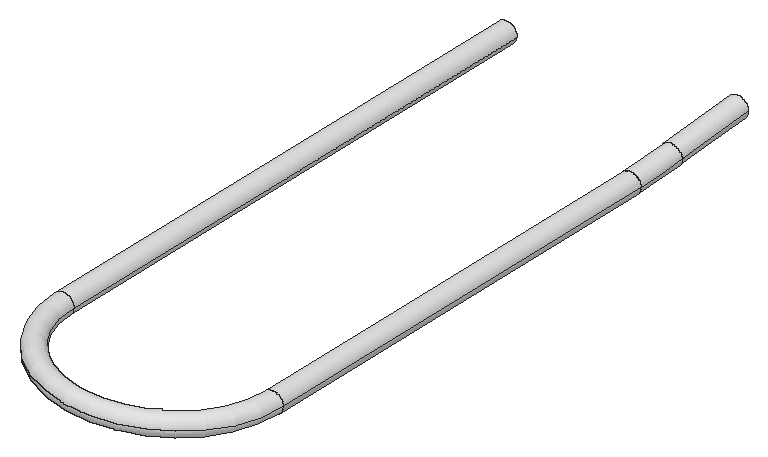
Revit family "Deca_Ducha higiênica com registro_Aspen_1984.35.ACT", category Plumbing Fixtures, host Face, Revit 2020
Family settings
  Host = Face
  Round Connector Dimension = Use Radius
  Part Type = Normal
  Cut with Voids When Loaded = No
  Shared = No
  Room Calculation Point = No
Parameters (values of type "1984.C35.ACT_Cromado")
  Vazão na Pressão mín. (L/min) = "4"
  Vazão na Pressão máx. (L/min) = "6"
  URL = "www.deca.com.br"
  Tipo de rosca de saída = ""
  Tipo de rosca de entrada = "BSP NBR 8133"
  Tipo de mecanismo utilizado = "MVC -1/4 volta"
  Tipo de dispositivo economizador = "Sim"
  Segmento = "Banheiro Competitivo (D41)"
  Saída de Esgoto = ""
  Raio Água Fria = 0.0075 m  # constant formula
  Pressão mín. funcionamento = ""
  Pressão mín. Aquec. Passagem = ""
  Pressão mín. Aquec. Acúmulo = ""
  Pressão máx. funcionamento = ""
  Peso Líquido (Kg) = 0.704
  Norma = "NBR14877"
  Model = "1984.C35.ACT"
  Material Secundário = Deca_Branco
  Material = Deca_Cromado
  Manufacturer = "DECA"
  Linha = "Aspen"
  Itens de Instalação = ""
  Informações Complementares = ""
  Default Elevation = 0.70 m
  Diâmetro Água Fria = 2 * Raio Água Fria  # 0.015 m
  Código Pai = "1984.35.ACT"
  Criado por = "quattroD"
  Cores Componente = ""
  Cor Secundária = ""
  Cor Principal = "Cromado"
  Cor Interna = ""
  Consumo = "Otimização do jato de água"
  Composição Componente = ""
  Composição Básica = "Liga cobre (bronze e latão);Aço;Plástico de Engenharia;Elastômeros"
  Composição Assento = ""
  Composição Anel Vedação = ""
  Categoria = "Chuveiros e duchas"
  Atendimento ao Cliente = "0800-0117073"
  Aprovado por = "quattroD"
  Acompanha o Produto = ""
Reference planes (m)
  plane 1 "Center (Front/Back)": y = 0
  plane 2: z = 0
  plane 3 "Center (Left/Right)": x = 0
Forms (m)
  Sweep 1, solid, material "Deca_Cromado" <- "Material"
    path origin (-0.00072726, -0.69356298, 0.03368028) x (0, -1, 0) y (0.997564, 0, -0.069756)
      loop
        line (-0.65974341, 0.00000143) -> (-0.13171075, 0.00000143)
        arc (-0.13171075, 0.00000143) -> (-0.03153169, 0.10018048) -> (-0.13171075, 0.20035953) r 0.10017905
        line (-0.13171075, 0.20035953) -> (-0.55820629, 0.20035953)
    profile origin (-0.00072583, -0.2978359, 0.03368018) x (0.997564, 0, -0.069756) y (0.069756, 0, 0.997564)
      loop
        circle (0, 0) r 0.01
  Sweep 2, solid, material "Deca_Cromado" <- "Material"
    path origin (0.282166, 0.09151864, 1.20386897) x (0, 1, 0) y (0.069756, 0, 0.997564)
      loop
        arc (-0.22748754, -1.18705325) -> (-0.2024833, -1.18668443) -> (-0.17761962, -1.18401138) r 0.2708869
        arc (-0.17761962, -1.18401138) -> (-0.13862392, -1.17996869) -> (-0.09951864, -1.17717843) r 1.22255994
    profile origin (0.19938707, -0.11096467, 0.02007524) x (0.069627, -0.060885, 0.995713) y (0.997564, 0, -0.069756)
      loop
        spline (-0.0000767, -0.01021637) -> (0.0024807, -0.00987563) -> (0.00486382, -0.00887662) -> (0.00691025, -0.00728744) -> (0.00848053, -0.00521637) -> (0.00946765, -0.00280456) -> (0.00980433, -0.00021637) -> (0.00946765, 0.00237182) -> (0.00848053, 0.00478363) -> (0.00691025, 0.0068547) -> (0.00486382, 0.00844389) -> (0.0024807, 0.00944289) -> (-0.0000767, 0.00978363)
        spline (-0.0000767, 0.00978363) -> (-0.0026341, 0.00944289) -> (-0.00501722, 0.00844389) -> (-0.00706365, 0.0068547) -> (-0.00863393, 0.00478363) -> (-0.00962105, 0.00237182) -> (-0.00995774, -0.00021637) -> (-0.00962105, -0.00280456) -> (-0.00863393, -0.00521637) -> (-0.00706365, -0.00728744) -> (-0.00501722, -0.00887662) -> (-0.0026341, -0.00987563) -> (-0.0000767, -0.01021637)
Lines and regions (m)
  Masking region 1
    outline origin (-2.01820516, -1.24086057, 0) x (1, 0, 0) y (0, 1, 0)
      loop
        arc (1.99821276, 1.26323267) -> (1.99082112, 1.2531173) -> (1.98820516, 1.2408652) r 0.03
        arc (1.98820516, 1.2408652) -> (1.99319469, 1.22429788) -> (2.00650357, 1.21324143) r 0.03
        line (2.00650357, 1.21324143) -> (2.00650357, 1.20718822)
        arc (2.00650357, 1.20718822) -> (2.00713496, 1.20692535) -> (2.00781297, 1.20683567) r 0.00260791
        line (2.00781297, 1.20683567) -> (2.0112004, 1.20683567) -> (2.0112004, 0.68053725)
        arc (2.0112004, 0.68053725) -> (2.11818647, 0.57355119) -> (2.22517254, 0.68053725) r 0.10698607
        line (2.22517254, 0.68053725) -> (2.2251746, 1.23285917) -> (2.23517981, 1.23285917) -> (2.23517981, 1.25549541)
        arc (2.23517981, 1.25549541) -> (2.23499271, 1.25607781) -> (2.23450144, 1.25644228) r 0.001
        arc (2.23450144, 1.25644228) -> (2.23258839, 1.25705018) -> (2.23065281, 1.25758195) r 0.05075164
        arc (2.23065281, 1.25758195) -> (2.23124006, 1.25794913) -> (2.23167342, 1.25848938) r 0.0020712
        line (2.23167342, 1.25848938) -> (2.23002641, 1.29231043) -> (2.22671669, 1.32030375)
        arc (2.22671669, 1.32030375) -> (2.22891462, 1.3225595) -> (2.23044775, 1.32531064) r 0.01196429
        arc (2.23044775, 1.32531064) -> (2.23097419, 1.32712563) -> (2.23115176, 1.32900705) r 0.01005608
        line (2.23115176, 1.32900705) -> (2.23115176, 1.34147234)
        arc (2.23115176, 1.34147234) -> (2.22956857, 1.34718985) -> (2.22576897, 1.3517461) r 0.01406613
        arc (2.22576897, 1.3517461) -> (2.21817697, 1.35408755) -> (2.21058494, 1.35174618) r 0.01347923
        arc (2.21058494, 1.35174618) -> (2.20659769, 1.34681865) -> (2.2051787, 1.34064085) r 0.01406613
        line (2.2051787, 1.34064085) -> (2.20519605, 1.32900705)
        arc (2.20519605, 1.32900705) -> (2.20537362, 1.32712563) -> (2.20590006, 1.32531064) r 0.01005608
        arc (2.20590006, 1.32531064) -> (2.20743319, 1.3225595) -> (2.20963111, 1.32030375) r 0.01196429
        line (2.20963111, 1.32030375) -> (2.2063214, 1.29231043) -> (2.20467281, 1.25845698)
        arc (2.20467281, 1.25845698) -> (2.20510579, 1.25793328) -> (2.20568495, 1.25757788) r 0.0020712
        arc (2.20568495, 1.25757788) -> (2.20375747, 1.25704783) -> (2.20185236, 1.25644228) r 0.05075164
        arc (2.20185236, 1.25644228) -> (2.20136108, 1.25607781) -> (2.20117399, 1.25549541) r 0.001
        line (2.20117399, 1.25549541) -> (2.20117399, 1.23285917) -> (2.21117255, 1.23285917) -> (2.21117255, 0.68053725)
        arc (2.21117255, 0.68053725) -> (2.1181978, 0.58756251) -> (2.02522306, 0.68053725) r 0.09297474
        line (2.02522306, 0.68053725) -> (2.02522306, 1.20683567) -> (2.02858779, 1.20683567)
        arc (2.02858779, 1.20683567) -> (2.0292658, 1.20692535) -> (2.02989719, 1.20718822) r 0.00260791
        line (2.02989719, 1.20718822) -> (2.02989719, 1.21323738)
        arc (2.02989719, 1.21323738) -> (2.04780006, 1.23595176) -> (2.03819757, 1.26323267) r 0.03
        line (2.03819757, 1.26323267) -> (2.03819757, 1.28561738)
        arc (2.03819757, 1.28561738) -> (2.03728898, 1.29131018) -> (2.03379067, 1.29589224) r 0.01179386
        arc (2.03379067, 1.29589224) -> (2.02645926, 1.29993554) -> (2.01820516, 1.30133834) r 0.0250612
        arc (2.01820516, 1.30133834) -> (2.01439773, 1.30104544) -> (2.01067899, 1.30017747) r 0.0250612
        arc (2.01067899, 1.30017747) -> (2.00645258, 1.29840487) -> (2.00261965, 1.29589224) r 0.0250612
        arc (2.00261965, 1.29589224) -> (1.99912135, 1.29131018) -> (1.99821276, 1.28561738) r 0.01179386
        line (1.99821276, 1.28561738) -> (1.99821276, 1.26323267)
  Masking region 2
    outline origin (0, -1.8877329, -0.76190073) x (0, 1, 0) y (0, 0, 1)
      loop
        arc (1.22255326, 0.79112768) -> (1.21907042, 0.7836587) -> (1.22489776, 0.77783135) r 0.00718397
        arc (1.22489776, 0.77783135) -> (1.24970826, 0.77434446) -> (1.27470155, 0.77259676) r 0.35894961
        line (1.27470155, 0.77259676) -> (1.80970155, 0.77259676) -> (1.87257994, 0.78031726)
        arc (1.87257994, 0.78031726) -> (1.87432771, 0.77778752) -> (1.87517516, 0.77483182) r 0.00949221
        line (1.87517516, 0.77483182) -> (1.8731734, 0.77483182) -> (1.86515336, 0.76488303) -> (1.86515336, 0.76190073) -> (1.91031245, 0.76190073) -> (1.91031245, 0.764884) -> (1.90601269, 0.77019424) -> (1.90601269, 0.7810606) -> (1.90573052, 0.78231354) -> (1.90734026, 0.7823866) -> (1.90768755, 0.78041698) -> (1.9412005, 0.7879966) -> (1.96452562, 0.79496785) -> (1.97608431, 0.77032361) -> (1.97650894, 0.76941825) -> (1.97845979, 0.76664531)
        arc (1.97845979, 0.76664531) -> (1.97890876, 0.76633243) -> (1.9794538, 0.76638134) r 0.0008
        line (1.9794538, 0.76638134) -> (2.00050064, 0.77625277)
        arc (2.00050064, 0.77625277) -> (2.00088673, 0.77664059) -> (2.00093321, 0.77718584) r 0.0008
        line (2.00093321, 0.77718584) -> (2.00004841, 0.78045878) -> (1.99963393, 0.78132313) -> (1.99185797, 0.79792159)
        arc (1.99185797, 0.79792159) -> (1.99184062, 0.79830395) -> (1.99209877, 0.79858655) r 0.0005
        line (1.99209877, 0.79858655) -> (1.9951709, 0.80002462) -> (1.99135533, 0.80817577) -> (1.98828241, 0.80673734)
        arc (1.98828241, 0.80673734) -> (1.98512057, 0.8142236) -> (1.98050749, 0.82091394) r 0.0399
        arc (1.98050749, 0.82091394) -> (1.97974692, 0.821553) -> (1.97881936, 0.82190864) r 0.003
        arc (1.97881936, 0.82190864) -> (1.9587145, 0.82544835) -> (1.93845522, 0.82795773) r 0.4
        arc (1.93845522, 0.82795773) -> (1.92942587, 0.83693962) -> (1.92012975, 0.84564514) r 0.42227755
        line (1.92012975, 0.84564514) -> (1.91286699, 0.83838238)
        arc (1.91286699, 0.83838238) -> (1.90681745, 0.83034668) -> (1.89878175, 0.82429714) r 0.03601811
        line (1.89878175, 0.82429714) -> (1.89076932, 0.81628471) -> (1.89614625, 0.81090778)
        arc (1.89614625, 0.81090778) -> (1.89309799, 0.80891778) -> (1.88952511, 0.80822031) r 0.0095
        line (1.88952511, 0.80822031) -> (1.86594911, 0.80822031) -> (1.86594911, 0.80582278) -> (1.86386032, 0.80582278) -> (1.86386032, 0.80662899) -> (1.85391333, 0.80662899) -> (1.85391333, 0.80290073) -> (1.31849668, 0.80290073)
        arc (1.31849668, 0.80290073) -> (1.28285149, 0.80196733) -> (1.24730399, 0.79916968) r 0.68108429
        arc (1.24730399, 0.79916968) -> (1.234506, 0.79644938) -> (1.22255326, 0.79112768) r 0.06258536
  Masking region 3
    outline origin (1.37765668, 0, -1.3729122) x (-1, 0, 0) y (0, 0, 1)
      loop
        arc (1.19468309, 1.38067975) -> (1.21541494, 1.38227896) -> (1.23607701, 1.38461254) r 0.58612347
        arc (1.23607701, 1.38461254) -> (1.27581058, 1.38779153) -> (1.31557919, 1.390497) r 3.34622533
        arc (1.31557919, 1.390497) -> (1.34041857, 1.39253284) -> (1.36515784, 1.39555085) r 0.62915594
        line (1.36515784, 1.39555085) -> (1.36515784, 1.38565793) -> (1.36298191, 1.38565793) -> (1.35507713, 1.37589547) -> (1.35507713, 1.3729122) -> (1.40023622, 1.3729122) -> (1.40023622, 1.37589547) -> (1.39233144, 1.38565793) -> (1.39016185, 1.38565793) -> (1.39016185, 1.40214304)
        arc (1.39016185, 1.40214304) -> (1.39537933, 1.40644759) -> (1.39767334, 1.41281067) r 0.01279575
        line (1.39767334, 1.41281067) -> (1.39767334, 1.44032327)
        arc (1.39767334, 1.44032327) -> (1.39698488, 1.44544994) -> (1.39453511, 1.45000575) r 0.01445133
        arc (1.39453511, 1.45000575) -> (1.3907594, 1.45309972) -> (1.38632364, 1.45513757) r 0.01913318
        arc (1.38632364, 1.45513757) -> (1.37770366, 1.45645244) -> (1.36908367, 1.45513757) r 0.02891275
        arc (1.36908367, 1.45513757) -> (1.36420133, 1.45281193) -> (1.36016476, 1.44921305) r 0.01913318
        arc (1.36016476, 1.44921305) -> (1.35815989, 1.44497758) -> (1.35761566, 1.44032327) r 0.01445133
        line (1.35761566, 1.44032327) -> (1.35761566, 1.41514923)
        arc (1.35761566, 1.41514923) -> (1.27610498, 1.40839272) -> (1.19468316, 1.40063845) r 6.67817626
        arc (1.19468316, 1.40063845) -> (1.19426485, 1.40431625) -> (1.19303123, 1.40780615) r 0.01637554
        arc (1.19303123, 1.40780615) -> (1.19210184, 1.40944171) -> (1.19097217, 1.41094593) r 0.01477571
        line (1.19097217, 1.41094593) -> (1.19068318, 1.41202448)
        arc (1.19068318, 1.41202448) -> (1.19033702, 1.41333436) -> (1.18945605, 1.41436368) r 0.00303939
        arc (1.18945605, 1.41436368) -> (1.18911723, 1.41460749) -> (1.18877156, 1.41484147) r 0.01453008
        arc (1.18877156, 1.41484147) -> (1.18741993, 1.41725296) -> (1.18568318, 1.41940375) r 0.01643214
        line (1.18568318, 1.41940375) -> (1.18568318, 1.43680299)
        arc (1.18568318, 1.43680299) -> (1.18471817, 1.43876174) -> (1.18268318, 1.4395534) r 0.00301132
        line (1.18268318, 1.4395534) -> (1.17268318, 1.4395534)
        arc (1.17268318, 1.4395534) -> (1.17064819, 1.43876174) -> (1.16968318, 1.43680299) r 0.00301132
        line (1.16968318, 1.43680299) -> (1.16968318, 1.41940375)
        arc (1.16968318, 1.41940375) -> (1.16796034, 1.41727349) -> (1.16661539, 1.4148866) r 0.01643214
        line (1.16661539, 1.4148866) -> (1.16591031, 1.41436368)
        arc (1.16591031, 1.41436368) -> (1.16502933, 1.41333436) -> (1.16468318, 1.41202448) r 0.00303939
        line (1.16468318, 1.41202448) -> (1.16451826, 1.41108917)
        arc (1.16451826, 1.41108917) -> (1.16331665, 1.40952081) -> (1.16233502, 1.40780615) r 0.01477571
        arc (1.16233502, 1.40780615) -> (1.16110142, 1.40431633) -> (1.16068309, 1.40063861) r 0.01637554
        line (1.16068309, 1.40063861) -> (1.16068309, 1.3729122) -> (1.19468309, 1.3729122) -> (1.19468309, 1.38067975)
  symbolic lines
    curve 1: line (0.21346826, 0.01762882, 0.0271282) -> (0.21182124, 0.05144986, 0.0271282)
    curve 2: line (0.18811624, 0.05144986, 0.0271282) -> (0.18646764, 0.01759642, 0.0271282)
    curve 3: line (0.19196874, 0.08403406, 0.0271282) -> (0.18811624, 0.05144986, 0.0271282)
    curve 4: line (0.21182124, 0.05144986, 0.0271282) -> (0.20796874, 0.08403406, 0.0271282)
    curve 5: line (0.20796874, 0.08133618, 0.0271282) -> (0.20796874, 0.04726124, 0.0271282)
    curve 6: line (0.20796874, 0.04726124, 0.0271282) -> (0.20789084, 0.04549057, 0.0271282)
    curve 7: line (0.20789084, 0.04549057, 0.0271282) -> (0.20779183, 0.04461319, 0.0271282)
    curve 8: line (0.20779183, 0.04461319, 0.0271282) -> (0.20764887, 0.04374176, 0.0271282)
    curve 9: line (0.19196874, 0.04624028, 0.0271282) -> (0.19196874, 0.08133618, 0.0271282)
    curve 10: line (0.19496874, 0.08186242, 0.0271282) -> (0.19496874, 0.0439437, 0.0271282)
    curve 11: line (0.20496874, 0.04394418, 0.0271282) -> (0.20496874, 0.08186242, 0.0271282)
    curve 12: line (0.19302458, 0.08728599, 0.0271282) -> (0.19267761, 0.08631664, 0.0271282)
    curve 13: line (0.19267761, 0.08631664, 0.0271282) -> (0.19240513, 0.08532152, 0.0271282)
    curve 14: line (0.19240513, 0.08532152, 0.0271282) -> (0.19220312, 0.08431096, 0.0271282)
    curve 15: line (0.19220312, 0.08431096, 0.0271282) -> (0.19202494, 0.08282852, 0.0271282)
    curve 16: line (0.19196874, 0.08282852, 0.0271282) -> (0.19196874, 0.09321091, 0.0271282)
    curve 17: line (0.20796874, 0.09321091, 0.0271282) -> (0.20796874, 0.08133618, 0.0271282)
    curve 18: line (0.20796874, 0.08133618, 0.0271282) -> (0.20796874, 0.04607585, 0.0271282)
    curve 19: line (0.20796874, 0.04726124, 0.0271282) -> (0.20789084, 0.04549057, 0.0271282)
    curve 20: line (0.20789084, 0.04549057, 0.0271282) -> (0.20779183, 0.04461319, 0.0271282)
    curve 21: line (0.20779183, 0.04461319, 0.0271282) -> (0.20764887, 0.04374176, 0.0271282)
    curve 22: arc (0.20796874, 0.09321091, 0.0271282) -> (0.20545434, 0.09849931, 0.0271282) -> (0.19996874, 0.10054811, 0.0271282) r 0.0078005
    curve 23: arc (0.19196874, 0.09321091, 0.0271282) -> (0.19448314, 0.09849931, 0.0271282) -> (0.19996874, 0.10054811, 0.0271282) r 0.0078005
    curve 24: line (0.19996874, 0.10054811, 0.0271282) -> (0.19996874, 0.09108507, 0.0271282)
    curve 25: arc (0.19996874, 0.09277319, 0.0271282) -> (0.19833924, 0.09257417, 0.0271282) -> (0.19682854, 0.09193178, 0.0271282) r 0.00587099
    curve 26: arc (0.19682854, 0.09193178, 0.0271282) -> (0.19452499, 0.08993769, 0.0271282) -> (0.19302458, 0.08728599, 0.0271282) r 0.00894275
    curve 27: arc (0.19996874, 0.09277319, 0.0271282) -> (0.20159824, 0.09257417, 0.0271282) -> (0.20310894, 0.09193178, 0.0271282) r 0.00587099
    curve 28: arc (0.20310894, 0.09193178, 0.0271282) -> (0.20541249, 0.08993769, 0.0271282) -> (0.2069129, 0.08728599, 0.0271282) r 0.00894275
    curve 29: line (0.2069129, 0.08728599, 0.0271282) -> (0.20725987, 0.08631664, 0.0271282)
    curve 30: line (0.20725987, 0.08631664, 0.0271282) -> (0.20753235, 0.08532152, 0.0271282)
    curve 31: line (0.20753235, 0.08532152, 0.0271282) -> (0.20773436, 0.08431096, 0.0271282)
    curve 32: line (0.20773436, 0.08431096, 0.0271282) -> (0.20791254, 0.08282852, 0.0271282)
    curve 33: arc (0.19996874, 0.09108507, 0.0271282) -> (0.19851895, 0.09073966, 0.0271282) -> (0.19732245, 0.08985108, 0.0271282) r 0.00370612
    curve 34: arc (0.19732245, 0.08985108, 0.0271282) -> (0.19613754, 0.0881206, 0.0271282) -> (0.19543402, 0.08614484, 0.0271282) r 0.00814127
    curve 35: arc (0.19543402, 0.08614484, 0.0271282) -> (0.1950854, 0.08401623, 0.0271282) -> (0.19496874, 0.08186242, 0.0271282) r 0.01994007
    curve 36: arc (0.19996874, 0.09108507, 0.0271282) -> (0.20141853, 0.09073966, 0.0271282) -> (0.20261503, 0.08985108, 0.0271282) r 0.00370612
    curve 37: arc (0.20261503, 0.08985108, 0.0271282) -> (0.20379994, 0.0881206, 0.0271282) -> (0.20450346, 0.08614484, 0.0271282) r 0.00814127
    curve 38: arc (0.20450346, 0.08614484, 0.0271282) -> (0.20485208, 0.08401623, 0.0271282) -> (0.20496874, 0.08186242, 0.0271282) r 0.01994007
    curve 39: arc (0.19496874, 0.08186242, 0.0271282) -> (0.19343975, 0.08176454, 0.0271282) -> (0.19196874, 0.08133618, 0.0271282) r 0.00699591
    curve 40: arc (0.20496874, 0.08186242, 0.0271282) -> (0.20649773, 0.08176454, 0.0271282) -> (0.20796874, 0.08133618, 0.0271282) r 0.00699591
    curve 41: arc (0.1957696, 0.09945569, 0.0271282) -> (0.19230803, 0.09783636, 0.0271282) -> (0.18950989, 0.09523346, 0.0271282) r 0.01231002
    curve 42: arc (0.18950989, 0.09523346, 0.0271282) -> (0.18791807, 0.09253864, 0.0271282) -> (0.18708535, 0.0895216, 0.0271282) r 0.01187874
    curve 43: arc (0.18708535, 0.0895216, 0.0271282) -> (0.18706274, 0.08694649, 0.0271282) -> (0.1876949, 0.08445007, 0.0271282) r 0.01005608
    curve 44: arc (0.1876949, 0.08445007, 0.0271282) -> (0.18922803, 0.08169893, 0.0271282) -> (0.19142595, 0.07944319, 0.0271282) r 0.01196429
    curve 45: arc (0.20416788, 0.09945569, 0.0271282) -> (0.20762945, 0.09783636, 0.0271282) -> (0.21042759, 0.09523346, 0.0271282) r 0.01231002
    curve 46: arc (0.21042759, 0.09523346, 0.0271282) -> (0.21201941, 0.09253864, 0.0271282) -> (0.21285213, 0.0895216, 0.0271282) r 0.01187874
    curve 47: arc (0.21285213, 0.0895216, 0.0271282) -> (0.21287474, 0.08694649, 0.0271282) -> (0.21224258, 0.08445007, 0.0271282) r 0.01005608
    curve 48: arc (0.21224258, 0.08445007, 0.0271282) -> (0.21070945, 0.08169893, 0.0271282) -> (0.20851153, 0.07944319, 0.0271282) r 0.01196429
    curve 49: arc (0.19996874, 0.11125253, 0.0271282) -> (0.19565289, 0.11053076, 0.0271282) -> (0.19173705, 0.10857789, 0.0271282) r 0.01479184
    curve 50: arc (0.19173705, 0.10857789, 0.0271282) -> (0.18832209, 0.10475034, 0.0271282) -> (0.1869735, 0.09980127, 0.0271282) r 0.0111913
    curve 51: arc (0.19996874, 0.11125253, 0.0271282) -> (0.20428459, 0.11053076, 0.0271282) -> (0.20820043, 0.10857789, 0.0271282) r 0.01479184
    curve 52: arc (0.20820043, 0.10857789, 0.0271282) -> (0.21153168, 0.10490178, 0.0271282) -> (0.21294659, 0.10014689, 0.0271282) r 0.0111913
    curve 53: arc (0.19296872, 0.00625368, 0.0271282) -> (0.19997176, 0.00583155, 0.0271282) -> (0.20697475, 0.00625441, 0.0271282) r 0.05824973
    curve 54: arc (0.19296872, 0.00456978, 0.0271282) -> (0.19997173, 0.00413136, 0.0271282) -> (0.20697475, 0.00456978, 0.0271282) r 0.05615056
    curve 55: line (0.19296872, 0.01375899, 0.0271282) -> (0.19296872, -0.0080014, 0.0271282)
    curve 56: line (0.19296872, -0.0080014, 0.0271282) -> (0.18296882, -0.0080014, 0.0271282)
    curve 57: line (0.18296882, -0.0080014, 0.0271282) -> (0.18296882, 0.01463484, 0.0271282)
    curve 58: arc (0.19296872, 0.01375899, 0.0271282) -> (0.19272515, 0.01441307, 0.0271282) -> (0.19211308, 0.01474852, 0.0271282) r 0.001
    curve 59: arc (0.1874821, 0.0167179, 0.0271282) -> (0.18555345, 0.0161876, 0.0271282) -> (0.18364719, 0.01558171, 0.0271282) r 0.05075164
    curve 60: arc (0.18296882, 0.01463484, 0.0271282) -> (0.18315592, 0.01521724, 0.0271282) -> (0.18364719, 0.01558171, 0.0271282) r 0.001
    curve 61: arc (0.19211308, 0.01474852, 0.0271282) -> (0.19018793, 0.01512796, 0.0271282) -> (0.18830999, 0.01569674, 0.0271282) r 0.01973139
    curve 62: arc (0.18830999, 0.01569674, 0.0271282) -> (0.1877921, 0.01612305, 0.0271282) -> (0.1874821, 0.0167179, 0.0271282) r 0.00168131
    curve 63: line (0.20697475, 0.01375899, 0.0271282) -> (0.20697475, -0.0080014, 0.0271282)
    curve 64: line (0.20697475, -0.0080014, 0.0271282) -> (0.21697464, -0.0080014, 0.0271282)
    curve 65: line (0.21697464, -0.0080014, 0.0271282) -> (0.21697464, 0.01463484, 0.0271282)
    curve 66: arc (0.20697475, 0.01375899, 0.0271282) -> (0.20721832, 0.01441307, 0.0271282) -> (0.20783039, 0.01474852, 0.0271282) r 0.001
    curve 67: arc (0.21246137, 0.0167179, 0.0271282) -> (0.21439002, 0.0161876, 0.0271282) -> (0.21629628, 0.01558171, 0.0271282) r 0.05075164
    curve 68: arc (0.21697464, 0.01463484, 0.0271282) -> (0.21678755, 0.01521724, 0.0271282) -> (0.21629628, 0.01558171, 0.0271282) r 0.001
    curve 69: arc (0.20783039, 0.01474852, 0.0271282) -> (0.20975554, 0.01512796, 0.0271282) -> (0.21163348, 0.01569674, 0.0271282) r 0.01973139
    curve 70: arc (0.21163348, 0.01569674, 0.0271282) -> (0.21215136, 0.01612305, 0.0271282) -> (0.21246137, 0.0167179, 0.0271282) r 0.00168131
    curve 71: line (0.19213095, 0.04354622, 0.0271282) -> (0.20781094, 0.04354622, 0.0271282)
    curve 72: arc (0.19213095, 0.04354622, 0.0271282) -> (0.19202593, 0.04489181, 0.0271282) -> (0.19196874, 0.04624028, 0.0271282) r 0.03801714
    curve 73: arc (0.20781094, 0.04354622, 0.0271282) -> (0.20791093, 0.04480972, 0.0271282) -> (0.20796874, 0.04607585, 0.0271282) r 0.03801714
    curve 74: arc (0.21346826, 0.01762882, 0.0271282) -> (0.21293383, 0.0170043, 0.0271282) -> (0.21219858, 0.01663684, 0.0271282) r 0.0020712
    curve 75: arc (0.21219858, 0.01663684, 0.0271282) -> (0.19995874, 0.01526927, 0.0271282) -> (0.1877189, 0.01663684, 0.0271282) r 0.05545781
    curve 76: arc (0.18646764, 0.01759642, 0.0271282) -> (0.18699838, 0.01699289, 0.0271282) -> (0.1877189, 0.01663684, 0.0271282) r 0.0020712
    curve 77: arc (0.19196874, 0.0498884, 0.0271282) -> (0.19035071, 0.05018557, 0.0271282) -> (0.18879481, 0.0507199, 0.0271282) r 0.01103943
    curve 78: arc (0.18879481, 0.0507199, 0.0271282) -> (0.18837553, 0.05100391, 0.0271282) -> (0.18809152, 0.05142319, 0.0271282) r 0.00134066
    curve 79: arc (0.20796874, 0.04988792, 0.0271282) -> (0.20958903, 0.05018501, 0.0271282) -> (0.21114707, 0.0507199, 0.0271282) r 0.01103943
    curve 80: arc (0.21114707, 0.0507199, 0.0271282) -> (0.21156635, 0.05100391, 0.0271282) -> (0.21185037, 0.05142319, 0.0271282) r 0.00134066
    curve 81: arc (0.19213095, 0.04354622, 0.0271282) -> (0.19997094, 0.04421464, 0.0271282) -> (0.20781094, 0.04354622, 0.0271282) r 0.04631308
    curve 82: line (-0.01000476, -0.0393014, 0.0271282) -> (0.00999524, -0.0393014, 0.0271282)
    curve 83: line (-0.00700476, -0.03899649, 0.0271282) -> (-0.00700476, -0.56032331, 0.0271282)
    curve 84: line (0.0070179, -0.03899649, 0.0271282) -> (0.0070179, -0.56032331, 0.0271282)
    curve 85: line (-0.01000476, -0.0468014, 0.0271282) -> (0.00999524, -0.0468014, 0.0271282)
    curve 86: line (-0.01000476, -0.0543014, 0.0271282) -> (0.00999524, -0.0543014, 0.0271282)
    curve 87: line (-0.01000476, -0.0618014, 0.0271282) -> (0.00999524, -0.0618014, 0.0271282)
    curve 88: line (-0.01000476, -0.0693014, 0.0271282) -> (0.00999524, -0.0693014, 0.0271282)
    curve 89: line (-0.01000476, -0.0768014, 0.0271282) -> (0.00999524, -0.0768014, 0.0271282)
    curve 90: line (-0.01000476, -0.0843014, 0.0271282) -> (0.00999524, -0.0843014, 0.0271282)
    curve 91: line (-0.01000476, -0.0918014, 0.0271282) -> (0.00999524, -0.0918014, 0.0271282)
    curve 92: line (-0.01000476, -0.0993014, 0.0271282) -> (0.00999524, -0.0993014, 0.0271282)
    curve 93: line (-0.01000476, -0.1068014, 0.0271282) -> (0.00999524, -0.1068014, 0.0271282)
    curve 94: line (-0.01000476, -0.1143014, 0.0271282) -> (0.00999524, -0.1143014, 0.0271282)
    curve 95: line (-0.01000476, -0.1218014, 0.0271282) -> (0.00999524, -0.1218014, 0.0271282)
    curve 96: line (-0.01000476, -0.1293014, 0.0271282) -> (0.00999524, -0.1293014, 0.0271282)
    curve 97: line (-0.01000476, -0.1368014, 0.0271282) -> (0.00999524, -0.1368014, 0.0271282)
    curve 98: line (-0.01000476, -0.1443014, 0.0271282) -> (0.00999524, -0.1443014, 0.0271282)
    curve 99: line (-0.01000476, -0.1518014, 0.0271282) -> (0.00999524, -0.1518014, 0.0271282)
    curve 100: line (-0.01000476, -0.1593014, 0.0271282) -> (0.00999524, -0.1593014, 0.0271282)
    curve 101: line (-0.01000476, -0.1668014, 0.0271282) -> (0.00999524, -0.1668014, 0.0271282)
    curve 102: line (-0.01000476, -0.1743014, 0.0271282) -> (0.00999524, -0.1743014, 0.0271282)
    curve 103: line (-0.01000476, -0.1818014, 0.0271282) -> (0.00999524, -0.1818014, 0.0271282)
    curve 104: line (-0.01000476, -0.1893014, 0.0271282) -> (0.00999524, -0.1893014, 0.0271282)
    curve 105: line (-0.01000476, -0.1968014, 0.0271282) -> (0.00999524, -0.1968014, 0.0271282)
    curve 106: line (-0.01000476, -0.2043014, 0.0271282) -> (0.00999524, -0.2043014, 0.0271282)
    curve 107: line (-0.01000476, -0.2118014, 0.0271282) -> (0.00999524, -0.2118014, 0.0271282)
    curve 108: line (-0.01000476, -0.2193014, 0.0271282) -> (0.00999524, -0.2193014, 0.0271282)
    curve 109: line (-0.01000476, -0.2268014, 0.0271282) -> (0.00999524, -0.2268014, 0.0271282)
    curve 110: line (-0.01000476, -0.2343014, 0.0271282) -> (0.00999524, -0.2343014, 0.0271282)
    curve 111: line (-0.01000476, -0.2418014, 0.0271282) -> (0.00999524, -0.2418014, 0.0271282)
    curve 112: line (-0.01000476, -0.2493014, 0.0271282) -> (0.00999524, -0.2493014, 0.0271282)
    curve 113: line (-0.01000476, -0.2568014, 0.0271282) -> (0.00999524, -0.2568014, 0.0271282)
    curve 114: line (-0.01000476, -0.2643014, 0.0271282) -> (0.00999524, -0.2643014, 0.0271282)
    curve 115: line (-0.01000476, -0.2718014, 0.0271282) -> (0.00999524, -0.2718014, 0.0271282)
    curve 116: line (-0.01000476, -0.2793014, 0.0271282) -> (0.00999524, -0.2793014, 0.0271282)
    curve 117: line (-0.01000476, -0.2868014, 0.0271282) -> (0.00999524, -0.2868014, 0.0271282)
    curve 118: line (-0.01000476, -0.2943014, 0.0271282) -> (0.00999524, -0.2943014, 0.0271282)
    curve 119: line (-0.01000476, -0.3018014, 0.0271282) -> (0.00999524, -0.3018014, 0.0271282)
    curve 120: line (-0.01000476, -0.3093014, 0.0271282) -> (0.00999524, -0.3093014, 0.0271282)
    curve 121: line (-0.01000476, -0.3168014, 0.0271282) -> (0.00999524, -0.3168014, 0.0271282)
    curve 122: line (-0.01000476, -0.3243014, 0.0271282) -> (0.00999524, -0.3243014, 0.0271282)
    curve 123: line (-0.01000476, -0.3318014, 0.0271282) -> (0.00999524, -0.3318014, 0.0271282)
    curve 124: line (-0.01000476, -0.3393014, 0.0271282) -> (0.00999524, -0.3393014, 0.0271282)
    curve 125: line (-0.01000476, -0.3468014, 0.0271282) -> (0.00999524, -0.3468014, 0.0271282)
    curve 126: line (-0.01000476, -0.3543014, 0.0271282) -> (0.00999524, -0.3543014, 0.0271282)
    curve 127: line (-0.01000476, -0.3618014, 0.0271282) -> (0.00999524, -0.3618014, 0.0271282)
    curve 128: line (-0.01000476, -0.3693014, 0.0271282) -> (0.00999524, -0.3693014, 0.0271282)
    curve 129: line (-0.01000476, -0.3768014, 0.0271282) -> (0.00999524, -0.3768014, 0.0271282)
    curve 130: line (-0.01000476, -0.3843014, 0.0271282) -> (0.00999524, -0.3843014, 0.0271282)
    curve 131: line (-0.01000476, -0.3918014, 0.0271282) -> (0.00999524, -0.3918014, 0.0271282)
    curve 132: line (-0.01000476, -0.3993014, 0.0271282) -> (0.00999524, -0.3993014, 0.0271282)
    curve 133: line (-0.01000476, -0.4068014, 0.0271282) -> (0.00999524, -0.4068014, 0.0271282)
    curve 134: line (-0.01000476, -0.4143014, 0.0271282) -> (0.00999524, -0.4143014, 0.0271282)
    curve 135: line (-0.01000476, -0.4218014, 0.0271282) -> (0.00999524, -0.4218014, 0.0271282)
    curve 136: line (-0.01000476, -0.4293014, 0.0271282) -> (0.00999524, -0.4293014, 0.0271282)
    curve 137: line (-0.01000476, -0.4368014, 0.0271282) -> (0.00999524, -0.4368014, 0.0271282)
    curve 138: line (-0.01000476, -0.4443014, 0.0271282) -> (0.00999524, -0.4443014, 0.0271282)
    curve 139: line (-0.01000476, -0.4518014, 0.0271282) -> (0.00999524, -0.4518014, 0.0271282)
    curve 140: line (-0.01000476, -0.4593014, 0.0271282) -> (0.00999524, -0.4593014, 0.0271282)
    curve 141: line (-0.01000476, -0.4668014, 0.0271282) -> (0.00999524, -0.4668014, 0.0271282)
    curve 142: line (-0.01000476, -0.4743014, 0.0271282) -> (0.00999524, -0.4743014, 0.0271282)
    curve 143: line (-0.01000476, -0.4818014, 0.0271282) -> (0.00999524, -0.4818014, 0.0271282)
    curve 144: line (-0.01000476, -0.4893014, 0.0271282) -> (0.00999524, -0.4893014, 0.0271282)
    curve 145: line (-0.01000476, -0.4968014, 0.0271282) -> (0.00999524, -0.4968014, 0.0271282)
    curve 146: line (-0.01000476, -0.5043014, 0.0271282) -> (0.00999524, -0.5043014, 0.0271282)
    curve 147: line (-0.01000476, -0.5118014, 0.0271282) -> (0.00999524, -0.5118014, 0.0271282)
    curve 148: line (-0.01000476, -0.5193014, 0.0271282) -> (0.00999524, -0.5193014, 0.0271282)
    curve 149: line (-0.01000476, -0.5268014, 0.0271282) -> (0.00999524, -0.5268014, 0.0271282)
    curve 150: line (-0.01000476, -0.5343014, 0.0271282) -> (0.00999524, -0.5343014, 0.0271282)
    curve 151: line (-0.01000476, -0.5418014, 0.0271282) -> (0.00999524, -0.5418014, 0.0271282)
    curve 152: line (-0.01000476, -0.5493014, 0.0271282) -> (0.00999524, -0.5493014, 0.0271282)
    curve 153: line (-0.01000476, -0.5568014, 0.0271282) -> (0.00999524, -0.5568014, 0.0271282)
    curve 154: line (-0.01000476, -0.5643014, 0.0271282) -> (0.00999524, -0.5643014, 0.0271282)
    curve 155: line (0.18996874, -0.0364798, 0.0271282) -> (0.20996874, -0.0364798, 0.0271282)
    curve 156: line (0.18996874, -0.0439798, 0.0271282) -> (0.20996874, -0.0439798, 0.0271282)
    curve 157: line (0.18996874, -0.0514798, 0.0271282) -> (0.20996874, -0.0514798, 0.0271282)
    curve 158: line (0.18996874, -0.0589798, 0.0271282) -> (0.20996874, -0.0589798, 0.0271282)
    curve 159: line (0.18996874, -0.0664798, 0.0271282) -> (0.20996874, -0.0664798, 0.0271282)
    curve 160: line (0.18996874, -0.0739798, 0.0271282) -> (0.20996874, -0.0739798, 0.0271282)
    curve 161: line (0.18996874, -0.0814798, 0.0271282) -> (0.20996874, -0.0814798, 0.0271282)
    curve 162: line (0.18996874, -0.0889798, 0.0271282) -> (0.20996874, -0.0889798, 0.0271282)
    curve 163: line (0.18996874, -0.0964798, 0.0271282) -> (0.20996874, -0.0964798, 0.0271282)
    curve 164: line (0.18996874, -0.1039798, 0.0271282) -> (0.20996874, -0.1039798, 0.0271282)
    curve 165: line (0.18996874, -0.1114798, 0.0271282) -> (0.20996874, -0.1114798, 0.0271282)
    curve 166: line (0.18996874, -0.1189798, 0.0271282) -> (0.20996874, -0.1189798, 0.0271282)
    curve 167: line (0.18996874, -0.1264798, 0.0271282) -> (0.20996874, -0.1264798, 0.0271282)
    curve 168: line (0.18996874, -0.1339798, 0.0271282) -> (0.20996874, -0.1339798, 0.0271282)
    curve 169: line (0.18996874, -0.1414798, 0.0271282) -> (0.20996874, -0.1414798, 0.0271282)
    curve 170: line (0.18996874, -0.1489798, 0.0271282) -> (0.20996874, -0.1489798, 0.0271282)
    curve 171: line (0.18996874, -0.1564798, 0.0271282) -> (0.20996874, -0.1564798, 0.0271282)
    curve 172: line (0.18996874, -0.1639798, 0.0271282) -> (0.20996874, -0.1639798, 0.0271282)
    curve 173: line (0.18996874, -0.1714798, 0.0271282) -> (0.20996874, -0.1714798, 0.0271282)
    curve 174: line (0.18996874, -0.1789798, 0.0271282) -> (0.20996874, -0.1789798, 0.0271282)
    curve 175: line (0.18996874, -0.1864798, 0.0271282) -> (0.20996874, -0.1864798, 0.0271282)
    curve 176: line (0.18996874, -0.1939798, 0.0271282) -> (0.20996874, -0.1939798, 0.0271282)
    curve 177: line (0.18996874, -0.2014798, 0.0271282) -> (0.20996874, -0.2014798, 0.0271282)
    curve 178: line (0.18996874, -0.2089798, 0.0271282) -> (0.20996874, -0.2089798, 0.0271282)
    curve 179: line (0.18996874, -0.2164798, 0.0271282) -> (0.20996874, -0.2164798, 0.0271282)
    curve 180: line (0.18996874, -0.2239798, 0.0271282) -> (0.20996874, -0.2239798, 0.0271282)
    curve 181: line (0.18996874, -0.2314798, 0.0271282) -> (0.20996874, -0.2314798, 0.0271282)
    curve 182: line (0.18996874, -0.2389798, 0.0271282) -> (0.20996874, -0.2389798, 0.0271282)
    curve 183: line (0.18996874, -0.2464798, 0.0271282) -> (0.20996874, -0.2464798, 0.0271282)
    curve 184: line (0.18996874, -0.2539798, 0.0271282) -> (0.20996874, -0.2539798, 0.0271282)
    curve 185: line (0.18996874, -0.2614798, 0.0271282) -> (0.20996874, -0.2614798, 0.0271282)
    curve 186: line (0.18996874, -0.2689798, 0.0271282) -> (0.20996874, -0.2689798, 0.0271282)
    curve 187: line (0.18996874, -0.2764798, 0.0271282) -> (0.20996874, -0.2764798, 0.0271282)
    curve 188: line (0.18996874, -0.2839798, 0.0271282) -> (0.20996874, -0.2839798, 0.0271282)
    curve 189: line (0.18996874, -0.2914798, 0.0271282) -> (0.20996874, -0.2914798, 0.0271282)
    curve 190: line (0.18996874, -0.2989798, 0.0271282) -> (0.20996874, -0.2989798, 0.0271282)
    curve 191: line (0.18996874, -0.3064798, 0.0271282) -> (0.20996874, -0.3064798, 0.0271282)
    curve 192: line (0.18996874, -0.3139798, 0.0271282) -> (0.20996874, -0.3139798, 0.0271282)
    curve 193: line (0.18996874, -0.3214798, 0.0271282) -> (0.20996874, -0.3214798, 0.0271282)
    curve 194: line (0.18996874, -0.3289798, 0.0271282) -> (0.20996874, -0.3289798, 0.0271282)
    curve 195: line (0.18996874, -0.3364798, 0.0271282) -> (0.20996874, -0.3364798, 0.0271282)
    curve 196: line (0.18996874, -0.3439798, 0.0271282) -> (0.20996874, -0.3439798, 0.0271282)
    curve 197: line (0.18996874, -0.3514798, 0.0271282) -> (0.20996874, -0.3514798, 0.0271282)
    curve 198: line (0.18996874, -0.3589798, 0.0271282) -> (0.20996874, -0.3589798, 0.0271282)
    curve 199: line (0.18996874, -0.3664798, 0.0271282) -> (0.20996874, -0.3664798, 0.0271282)
    curve 200: line (0.18996874, -0.3739798, 0.0271282) -> (0.20996874, -0.3739798, 0.0271282)
    curve 201: line (0.18996874, -0.3814798, 0.0271282) -> (0.20996874, -0.3814798, 0.0271282)
    curve 202: line (0.18996874, -0.3889798, 0.0271282) -> (0.20996874, -0.3889798, 0.0271282)
    curve 203: line (0.18996874, -0.3964798, 0.0271282) -> (0.20996874, -0.3964798, 0.0271282)
    curve 204: line (0.18996874, -0.4039798, 0.0271282) -> (0.20996874, -0.4039798, 0.0271282)
    curve 205: line (0.18996874, -0.4114798, 0.0271282) -> (0.20996874, -0.4114798, 0.0271282)
    curve 206: line (0.18996874, -0.4189798, 0.0271282) -> (0.20996874, -0.4189798, 0.0271282)
    curve 207: line (0.18996874, -0.4264798, 0.0271282) -> (0.20996874, -0.4264798, 0.0271282)
    curve 208: line (0.18996874, -0.4339798, 0.0271282) -> (0.20996874, -0.4339798, 0.0271282)
    curve 209: line (0.18996874, -0.4414798, 0.0271282) -> (0.20996874, -0.4414798, 0.0271282)
    curve 210: line (0.18996874, -0.4489798, 0.0271282) -> (0.20996874, -0.4489798, 0.0271282)
    curve 211: line (0.18996874, -0.4564798, 0.0271282) -> (0.20996874, -0.4564798, 0.0271282)
    curve 212: line (0.18996874, -0.4639798, 0.0271282) -> (0.20996874, -0.4639798, 0.0271282)
    curve 213: line (0.18996874, -0.4714798, 0.0271282) -> (0.20996874, -0.4714798, 0.0271282)
    curve 214: line (0.18996874, -0.4789798, 0.0271282) -> (0.20996874, -0.4789798, 0.0271282)
    curve 215: line (0.18996874, -0.4864798, 0.0271282) -> (0.20996874, -0.4864798, 0.0271282)
    curve 216: line (0.18996874, -0.4939798, 0.0271282) -> (0.20996874, -0.4939798, 0.0271282)
    curve 217: line (0.18996874, -0.5014798, 0.0271282) -> (0.20996874, -0.5014798, 0.0271282)
    curve 218: line (0.18996874, -0.5089798, 0.0271282) -> (0.20996874, -0.5089798, 0.0271282)
    curve 219: line (0.18996874, -0.5164798, 0.0271282) -> (0.20996874, -0.5164798, 0.0271282)
    curve 220: line (0.18996874, -0.5239798, 0.0271282) -> (0.20996874, -0.5239798, 0.0271282)
    curve 221: line (0.18996874, -0.5314798, 0.0271282) -> (0.20996874, -0.5314798, 0.0271282)
    curve 222: line (0.18996874, -0.5389798, 0.0271282) -> (0.20996874, -0.5389798, 0.0271282)
    curve 223: line (0.18996874, -0.5464798, 0.0271282) -> (0.20996874, -0.5464798, 0.0271282)
    curve 224: line (0.18996874, -0.5539798, 0.0271282) -> (0.20996874, -0.5539798, 0.0271282)
    curve 225: line (0.18996874, -0.5589798, 0.0271282) -> (0.20996874, -0.5589798, 0.0271282)
    curve 226: line (0.18988453, -0.56419254, 0.0271282) -> (0.20983581, -0.56558767, 0.0271282)
    curve 227: line (0.18943764, -0.57058334, 0.0271282) -> (0.209243, -0.5733668, 0.0271282)
    curve 228: line (0.18836226, -0.57692919, 0.0271282) -> (0.20792521, -0.58108742, 0.0271282)
    curve 229: line (0.18703178, -0.58318864, 0.0271282) -> (0.20630396, -0.58871485, 0.0271282)
    curve 230: line (0.18509187, -0.58921963, 0.0271282) -> (0.20388582, -0.59606006, 0.0271282)
    curve 231: line (0.18280993, -0.59518539, 0.0271282) -> (0.20093779, -0.60363854, 0.0271282)
    curve 232: line (0.18008727, -0.60102416, 0.0271282) -> (0.19762402, -0.61074494, 0.0271282)
    curve 233: line (0.17703705, -0.6065269, 0.0271282) -> (0.19389406, -0.61747397, 0.0271282)
    curve 234: line (0.1735943, -0.61182827, 0.0271282) -> (0.18956807, -0.62386536, 0.0271282)
    curve 235: line (0.16979781, -0.61686638, 0.0271282) -> (0.18492986, -0.63002047, 0.0271282)
    curve 236: line (0.16566164, -0.6216245, 0.0271282) -> (0.17987387, -0.63583672, 0.0271282)
    curve 237: line (0.16120773, -0.62607841, 0.0271282) -> (0.17442614, -0.64128445, 0.0271282)
    curve 238: line (0.1564581, -0.6302072, 0.0271282) -> (0.16834615, -0.6465697, 0.0271282)
    curve 239: line (0.15101307, -0.63416325, 0.0271282) -> (0.16232973, -0.65094089, 0.0271282)
    curve 240: line (0.14563409, -0.63779142, 0.0271282) -> (0.15563409, -0.65511193, 0.0271282)
    curve 241: line (0.14008527, -0.64073606, 0.0271282) -> (0.14897266, -0.65895791, 0.0271282)
    curve 242: line (0.13429574, -0.64337801, 0.0271282) -> (0.14178855, -0.66192337, 0.0271282)
    curve 243: line (0.12833519, -0.64560271, 0.0271282) -> (0.13451553, -0.66462384, 0.0271282)
    curve 244: line (0.12223333, -0.64739913, 0.0271282) -> (0.12707177, -0.66680505, 0.0271282)
    curve 245: line (0.1160206, -0.64875836, 0.0271282) -> (0.11919016, -0.66877015, 0.0271282)
    curve 246: line (0.10984967, -0.64973574, 0.0271282) -> (0.11159279, -0.66965963, 0.0271282)
    curve 247: line (0.10329071, -0.65030957, 0.0271282) -> (0.10406718, -0.67031804, 0.0271282)
    curve 248: line (0.09702849, -0.65015648, 0.0271282) -> (0.09598177, -0.67012907, 0.0271282)
    curve 249: line (0.09068496, -0.64972162, 0.0271282) -> (0.08822912, -0.66972277, 0.0271282)
    curve 250: line (0.08467385, -0.64898355, 0.0271282) -> (0.08046814, -0.66876985, 0.0271282)
    curve 251: line (0.07816409, -0.64759985, 0.0271282) -> (0.07292142, -0.66716574, 0.0271282)
    curve 252: line (0.07205721, -0.64574433, 0.0271282) -> (0.06554585, -0.6646547, 0.0271282)
    curve 253: line (0.06609366, -0.64369092, 0.0271282) -> (0.05792786, -0.66203162, 0.0271282)
    curve 254: line (0.06043329, -0.64117076, 0.0271282) -> (0.05098498, -0.65894045, 0.0271282)
    curve 255: line (0.05471748, -0.63813161, 0.0271282) -> (0.04420391, -0.65495685, 0.0271282)
    curve 256: line (0.04929849, -0.63451034, 0.0271282) -> (0.0374909, -0.65076209, 0.0271282)
    curve 257: line (0.04428656, -0.63086896, 0.0271282) -> (0.03134254, -0.64629504, 0.0271282)
    curve 258: line (0.03924206, -0.62663611, 0.0271282) -> (0.02494842, -0.64092975, 0.0271282)
    curve 259: line (0.03477891, -0.62212314, 0.0271282) -> (0.01991601, -0.63550576, 0.0271282)
    curve 260: line (0.03055903, -0.6173418, 0.0271282) -> (0.01494547, -0.62998541, 0.0271282)
    curve 261: line (0.02668572, -0.61227272, 0.0271282) -> (0.00981623, -0.62365133, 0.0271282)
    curve 262: line (0.02318972, -0.60708969, 0.0271282) -> (0.00580412, -0.61684828, 0.0271282)
    curve 263: line (0.01998725, -0.60138428, 0.0271282) -> (0.00216974, -0.61037339, 0.0271282)
    curve 264: line (0.01733019, -0.59559848, 0.0271282) -> (-0.00157109, -0.6029586, 0.0271282)
    curve 265: line (0.01505392, -0.58975288, 0.0271282) -> (-0.00407217, -0.59560032, 0.0271282)
    curve 266: line (0.01303519, -0.5831499, 0.0271282) -> (-0.00629526, -0.58832891, 0.0271282)
    curve 267: line (0.01167885, -0.57731741, 0.0271282) -> (-0.00801736, -0.58079038, 0.0271282)
    curve 268: line (0.01057475, -0.57105575, 0.0271282) -> (-0.00936431, -0.57315143, 0.0271282)
    curve 269: arc (0.0070179, -0.56032331, 0.0271282) -> (0.09999264, -0.65329805, 0.0271282) -> (0.19296738, -0.56032331, 0.0271282) r 0.09297474
    curve 270: arc (-0.00700476, -0.56032331, 0.0271282) -> (0.09998131, -0.66730938, 0.0271282) -> (0.20696738, -0.56032331, 0.0271282) r 0.10698607
    curve 271: line (0.19296738, -0.56032331, 0.0271282) -> (0.19296738, -0.00800531, 0.0271282)
    curve 272: line (0.20696944, -0.56032331, 0.0271282) -> (0.20696944, -0.00800531, 0.0271282)
    curve 273: line (0.18996874, -0.0289798, 0.0271282) -> (0.20996874, -0.0289798, 0.0271282)
    curve 274: line (0.18996874, -0.0214798, 0.0271282) -> (0.20996874, -0.0214798, 0.0271282)
    curve 275: line (0.18996874, -0.0139798, 0.0271282) -> (0.20996874, -0.0139798, 0.0271282)
    curve 276: line (0.19296872, -0.0064798, 0.0271282) -> (0.20697475, -0.0064798, 0.0271282)
    curve 277: line (0.1869735, 0.09980127, 0.0271282) -> (0.1869735, 0.088019, 0.0271282)
    curve 278: line (0.21294659, 0.08814649, 0.0271282) -> (0.21294659, 0.10014689, 0.0271282)
    curve 279: arc (0.19446874, 0.10582665, 0.0271282) -> (0.19996874, 0.10727638, 0.0271282) -> (0.20546874, 0.10582665, 0.0271282) r 0.01115782
    curve 280: line (0.19446874, 0.10582665, 0.0271282) -> (0.19446874, 0.09899884, 0.0271282)
    curve 281: line (0.20546874, 0.10582665, 0.0271282) -> (0.20546874, 0.09899884, 0.0271282)
    curve 282: arc (0.19446874, 0.10262161, 0.0271282) -> (0.19996874, 0.1037892, 0.0271282) -> (0.20546874, 0.10262161, 0.0271282) r 0.01353783
    curve 283: arc (0.19446874, 0.10193809, 0.0271282) -> (0.19996874, 0.10313526, 0.0271282) -> (0.20546874, 0.10193809, 0.0271282) r 0.01323258
    curve 284: arc (0.1869735, 0.09980127, 0.0271282) -> (0.18839708, 0.10596745, 0.0271282) -> (0.19237966, 0.11088553, 0.0271282) r 0.01406613
    curve 285: arc (0.19237966, 0.11088553, 0.0271282) -> (0.19997173, 0.11322699, 0.0271282) -> (0.20756381, 0.11088553, 0.0271282) r 0.01347923
    curve 286: arc (0.21294659, 0.10061178, 0.0271282) -> (0.21136341, 0.10632928, 0.0271282) -> (0.20756381, 0.11088553, 0.0271282) r 0.01406613
    curve 287: arc (-0.01999241, 0.0223721, 0) -> (-0.02738405, 0.01225673, 0) -> (-0.03, 0.00000463, 0) r 0.03
    curve 288: arc (-0.03, 0.00000463, 0) -> (-0.02501047, -0.01656269, 0) -> (-0.01170159, -0.02761914, 0) r 0.03
    curve 289: arc (0.01191173, -0.02752918, 0) -> (0.02961423, -0.0047909, 0) -> (0.01999241, 0.0223721, 0) r 0.03
    curve 290: line (-0.01999241, 0.04434007, 0) -> (-0.01999241, 0.01717676, 0)
    curve 291: line (0.01999241, 0.04469089, 0) -> (0.01999241, 0.01760244, 0)
    curve 292: line (-0.01170159, -0.02761914, 0) -> (-0.01170159, -0.03367235, 0)
    curve 293: line (-0.0125265, 0.006115, 0) -> (-0.0125265, -0.02192176, 0)
    curve 294: line (-0.0125265, -0.02192176, 0) -> (0.0124996, -0.02192176, 0)
    curve 295: line (0.0124996, -0.02192176, 0) -> (0.0124996, 0.006115, 0)
    curve 296: arc (-0.0125265, -0.00790338, 0) -> (-0.01478055, -0.00078848, 0) -> (-0.01328511, 0.00652357, 0) r 0.01483554
    curve 297: arc (0.0124996, -0.00794617, 0) -> (0.01477966, -0.00080695, 0) -> (0.01327921, 0.00653578, 0) r 0.01483554
    curve 298: arc (-0.01999241, 0.01717676, 0) -> (-0.01771556, 0.01066311, 0) -> (-0.0125265, 0.006115, 0) r 0.01355123
    curve 299: arc (-0.0125265, 0.006115, 0) -> (-0.00001345, 0.00299656, 0) -> (0.0124996, 0.006115, 0) r 0.0266642
    curve 300: arc (0.01999241, 0.01760244, 0) -> (0.01780658, 0.01084082, 0) -> (0.0124996, 0.006115, 0) r 0.01355123
    curve 301: arc (-0.0200387, 0.04580076, 0) -> (-0.01905913, 0.04062438, 0) -> (-0.01601603, 0.03632393, 0) r 0.01238072
    curve 302: arc (-0.01601603, 0.03632393, 0) -> (-0.01102166, 0.03292774, 0) -> (-0.00527058, 0.03108302, 0) r 0.02113215
    curve 303: arc (0.0200118, 0.04580076, 0) -> (0.01903223, 0.04062438, 0) -> (0.01598913, 0.03632393, 0) r 0.01238072
    curve 304: arc (0.01598913, 0.03632393, 0) -> (0.01099476, 0.03292774, 0) -> (0.00524368, 0.03108302, 0) r 0.02113215
    curve 305: arc (-0.00527058, 0.03108302, 0) -> (-0.00001345, 0.03064304, 0) -> (0.00524368, 0.03108302, 0) r 0.03162697
    curve 306: arc (-0.01883514, 0.01267029, 0) -> (-0.02226177, -0.00444523, 0) -> (-0.0125265, -0.01893341, 0) r 0.02270097
    curve 307: arc (0.0124996, -0.01895118, 0) -> (0.02226144, -0.00444688, 0) -> (0.01881901, 0.01269423, 0) r 0.02270097
    curve 308: line (0.01038262, -0.0340249, 0) -> (0.00519609, -0.0340249, 0)
    curve 309: line (0.00519609, -0.0340249, 0) -> (-0.00519609, -0.0340249, 0)
    curve 310: line (-0.00519609, -0.0340249, 0) -> (-0.01039219, -0.0340249, 0)
    curve 311: arc (-0.01170159, -0.03367235, 0) -> (-0.0110702, -0.03393522, 0) -> (-0.01039219, -0.0340249, 0) r 0.00260791
    curve 312: arc (0.01038262, -0.0340249, 0) -> (0.01106064, -0.03393522, 0) -> (0.01169203, -0.03367235, 0) r 0.00260791
    curve 313: line (-0.01170159, -0.0240149, 0) -> (0.01169203, -0.0240149, 0)
    curve 314: line (0.01169203, -0.03367235, 0) -> (0.01169203, -0.0240149, 0)
    curve 315: line (-0.01170159, -0.03367235, 0) -> (-0.01170159, -0.0240149, 0)
    curve 316: line (-0.01032466, -0.02192176, 0) -> (-0.01032466, -0.0240149, 0)
    curve 317: line (0.01032466, -0.02192176, 0) -> (0.01032466, -0.0240149, 0)
    curve 318: arc (-0.00749356, 0.01949863, 0) -> (-0.00656546, 0.02236044, 0) -> (-0.00419367, 0.02421136, 0) r 0.00513574
    curve 319: arc (-0.00419367, 0.02421136, 0) -> (0.00002216, 0.02508023, 0) -> (0.004238, 0.02421136, 0) r 0.0106623
    curve 320: arc (0.00750644, 0.01949863, 0) -> (0.00657834, 0.02236044, 0) -> (0.00420655, 0.02421136, 0) r 0.00513574
    curve 321: arc (-0.00749356, 0.01949863, 0) -> (-0.00720885, 0.01698828, 0) -> (-0.00621898, 0.01466382, 0) r 0.00875281
    curve 322: arc (0.00750644, 0.01949863, 0) -> (0.00722172, 0.01698828, 0) -> (0.00623186, 0.01466382, 0) r 0.00875281
    curve 323: arc (-0.00621898, 0.01466382, 0) -> (-0.00470539, 0.01287161, 0) -> (-0.00271997, 0.01162217, 0) r 0.00765163
    curve 324: arc (0.00623186, 0.01466382, 0) -> (0.00471827, 0.01287161, 0) -> (0.00273285, 0.01162217, 0) r 0.00765163
    curve 325: arc (-0.00271997, 0.01162217, 0) -> (0.00000644, 0.01102282, 0) -> (0.00273285, 0.01162217, 0) r 0.00650076
    curve 326: arc (-0.0092429, 0.00464483, 0) -> (-0.00001345, 0.00156036, 0) -> (0.009216, 0.00464483, 0) r 0.01535055
    curve 327: line (-0.01170159, -0.0260149, 0) -> (0.01169203, -0.0260149, 0)
    curve 328: line (0.01169203, -0.0320249, 0) -> (-0.01170159, -0.0320249, 0)
    curve 329: line (-0.0073508, -0.0260149, 0) -> (-0.0073508, -0.0320249, 0)
    curve 330: line (-0.0043508, -0.0260149, 0) -> (-0.0043508, -0.0320249, 0)
    curve 331: line (0.0043508, -0.0260149, 0) -> (0.0043508, -0.0320249, 0)
    curve 332: line (0.0073508, -0.0260149, 0) -> (0.0073508, -0.0320249, 0)
    curve 333: line (0, 0.0883514, 0.00842288) -> (0, 0.07654645, 0.03359219)
    curve 334: line (0, 0.07679271, 0.03306712) -> (0, 0.0534676, 0.02609587)
    curve 335: line (0, 0.0534676, 0.02609587) -> (0, 0.01995465, 0.01851625)
    curve 336: line (0, 0.01995465, 0.01851625) -> (0, 0.01895383, 0.0241922)
    curve 337: line (0, 0.0534676, 0.02609587) -> (0, 0.04994309, 0.04608438)
    curve 338: line (0, 0.05493924, 0.04977378) -> (0, 0.07613189, 0.05101801)
    curve 339: line (0, 0.09945945, 0.04432635) -> (0, 0.07654645, 0.03359219)
    curve 340: line (0, -0.0393, 0.024) -> (0, -0.0393, 0.044)
    curve 341: line (0, -0.56923622, 0.041) -> (0, -0.03381957, 0.041)
    curve 342: arc (0, -0.56923622, 0.041) -> (0, -0.60488142, 0.0400666) -> (0, -0.64042891, 0.03726895) r 0.68108429
    curve 343: arc (0, -0.64042891, 0.03726895) -> (0, -0.6532269, 0.03454865) -> (0, -0.66517964, 0.02922695) r 0.06258536
    curve 344: arc (0, -0.66517964, 0.02922695) -> (0, -0.66866249, 0.02175797) -> (0, -0.66283514, 0.01593062) r 0.00718397
    curve 345: arc (0, -0.66283514, 0.01593062) -> (0, -0.63802464, 0.01244373) -> (0, -0.61303135, 0.01069603) r 0.35894961
    curve 346: line (0, -0.61303135, 0.01069603) -> (0, -0.07803135, 0.01069603)
    curve 347: line (0, -0.07803135, 0.01069603) -> (0, -0.01515297, 0.01841653)
    curve 348: line (0, -0.1143, 0.044) -> (0, -0.1143, 0.0071698)
    curve 349: line (0, -0.1218, 0.044) -> (0, -0.1218, 0.0071698)
    curve 350: line (0, -0.1293, 0.044) -> (0, -0.1293, 0.0071698)
    curve 351: line (0, -0.1368, 0.044) -> (0, -0.1368, 0.0071698)
    curve 352: line (0, -0.1443, 0.044) -> (0, -0.1443, 0.0071698)
    curve 353: line (0, -0.1518, 0.044) -> (0, -0.1518, 0.0071698)
    curve 354: line (0, -0.1593, 0.044) -> (0, -0.1593, 0.0071698)
    curve 355: line (0, -0.1668, 0.044) -> (0, -0.1668, 0.0071698)
    curve 356: line (0, -0.1743, 0.044) -> (0, -0.1743, 0.0071698)
    curve 357: line (0, -0.1818, 0.044) -> (0, -0.1818, 0.0071698)
    curve 358: line (0, -0.1893, 0.044) -> (0, -0.1893, 0.0071698)
    curve 359: line (0, -0.1968, 0.044) -> (0, -0.1968, 0.0071698)
    curve 360: line (0, -0.2043, 0.044) -> (0, -0.2043, 0.0071698)
    curve 361: line (0, -0.2118, 0.044) -> (0, -0.2118, 0.0071698)
    curve 362: line (0, -0.2193, 0.044) -> (0, -0.2193, 0.0071698)
    curve 363: line (0, -0.2268, 0.044) -> (0, -0.2268, 0.0071698)
    curve 364: line (0, -0.2343, 0.044) -> (0, -0.2343, 0.0071698)
    curve 365: line (0, -0.2418, 0.044) -> (0, -0.2418, 0.0071698)
    curve 366: line (0, -0.2493, 0.044) -> (0, -0.2493, 0.0071698)
    curve 367: line (0, -0.2568, 0.044) -> (0, -0.2568, 0.0071698)
    curve 368: line (0, -0.2643, 0.044) -> (0, -0.2643, 0.0071698)
    curve 369: line (0, -0.2718, 0.044) -> (0, -0.2718, 0.0071698)
    curve 370: line (0, -0.2793, 0.044) -> (0, -0.2793, 0.0071698)
    curve 371: line (0, -0.2868, 0.044) -> (0, -0.2868, 0.0071698)
    curve 372: line (0, -0.2943, 0.044) -> (0, -0.2943, 0.0071698)
    curve 373: line (0, -0.3018, 0.044) -> (0, -0.3018, 0.0071698)
    curve 374: line (0, -0.3093, 0.044) -> (0, -0.3093, 0.0071698)
    curve 375: line (0, -0.3168, 0.044) -> (0, -0.3168, 0.0071698)
    curve 376: line (0, -0.3243, 0.044) -> (0, -0.3243, 0.0071698)
    curve 377: line (0, -0.3318, 0.044) -> (0, -0.3318, 0.0071698)
    curve 378: line (0, -0.3393, 0.044) -> (0, -0.3393, 0.0071698)
    curve 379: line (0, -0.3468, 0.044) -> (0, -0.3468, 0.0071698)
    curve 380: line (0, -0.3543, 0.044) -> (0, -0.3543, 0.0071698)
    curve 381: line (0, -0.3618, 0.044) -> (0, -0.3618, 0.0071698)
    curve 382: line (0, -0.3693, 0.044) -> (0, -0.3693, 0.0071698)
    curve 383: line (0, -0.3768, 0.044) -> (0, -0.3768, 0.0071698)
    curve 384: line (0, -0.3843, 0.044) -> (0, -0.3843, 0.0071698)
    curve 385: line (0, -0.3918, 0.044) -> (0, -0.3918, 0.0071698)
    curve 386: line (0, -0.3993, 0.044) -> (0, -0.3993, 0.0071698)
    curve 387: line (0, -0.4068, 0.044) -> (0, -0.4068, 0.0071698)
    curve 388: line (0, -0.4143, 0.044) -> (0, -0.4143, 0.0071698)
    curve 389: line (0, -0.4218, 0.044) -> (0, -0.4218, 0.0071698)
    curve 390: line (0, -0.4293, 0.044) -> (0, -0.4293, 0.0071698)
    curve 391: line (0, -0.4368, 0.044) -> (0, -0.4368, 0.0071698)
    curve 392: line (0, -0.4443, 0.044) -> (0, -0.4443, 0.0071698)
    curve 393: line (0, -0.4518, 0.044) -> (0, -0.4518, 0.0071698)
    curve 394: line (0, -0.4593, 0.044) -> (0, -0.4593, 0.0071698)
    curve 395: line (0, -0.4668, 0.044) -> (0, -0.4668, 0.0071698)
    curve 396: line (0, -0.4743, 0.044) -> (0, -0.4743, 0.0071698)
    curve 397: line (0, -0.4818, 0.044) -> (0, -0.4818, 0.0071698)
    curve 398: line (0, -0.4893, 0.044) -> (0, -0.4893, 0.0071698)
    curve 399: line (0, -0.4968, 0.044) -> (0, -0.4968, 0.0071698)
    curve 400: line (0, -0.5043, 0.044) -> (0, -0.5043, 0.0071698)
    curve 401: line (0, -0.5118, 0.044) -> (0, -0.5118, 0.0071698)
    curve 402: line (0, -0.5193, 0.044) -> (0, -0.5193, 0.0071698)
    curve 403: line (0, -0.5268, 0.044) -> (0, -0.5268, 0.0071698)
    curve 404: line (0, -0.5343, 0.044) -> (0, -0.5343, 0.0071698)
    curve 405: line (0, -0.5418, 0.044) -> (0, -0.5418, 0.0071698)
    curve 406: line (0, -0.5493, 0.044) -> (0, -0.5493, 0.0071698)
    curve 407: line (0, -0.5568, 0.044) -> (0, -0.5568, 0.0071698)
    curve 408: line (0, -0.5643, 0.044) -> (0, -0.5643, 0.0071698)
    curve 409: line (0, -0.5718, 0.044) -> (0, -0.5718, 0.0071698)
    curve 410: line (0, -0.5793, 0.044) -> (0, -0.5793, 0.0071698)
    curve 411: line (0, -0.5868, 0.044) -> (0, -0.5868, 0.0071698)
    curve 412: line (0, -0.5943, 0.044) -> (0, -0.5943, 0.0071698)
    curve 413: line (0, -0.6018, 0.044) -> (0, -0.6018, 0.0071698)
    curve 414: line (0, -0.6093, 0.044) -> (0, -0.6093, 0.0071698)
    curve 415: line (0, -0.6168, 0.044) -> (0, -0.6168, 0.0071698)
    curve 416: line (0, -0.6243, 0.044) -> (0, -0.6243, 0.0071698)
    curve 417: line (0, -0.6318, 0.044) -> (0, -0.6318, 0.0071698)
    curve 418: line (0, -0.6393, 0.0421698) -> (0, -0.6393, 0.00843054)
    curve 419: line (0, -0.6468, 0.03963257) -> (0, -0.6468, 0.00963257)
    curve 420: line (0, -0.6543, 0.03835697) -> (0, -0.6543, 0.01164903)
    curve 421: line (0, -0.6618, 0.03609726) -> (0, -0.6618, 0.01391401)
    curve 422: line (0, -0.1068, 0.044) -> (0, -0.1068, 0.0071698)
    curve 423: line (0, -0.0993, 0.044) -> (0, -0.0993, 0.0071698)
    curve 424: line (0, -0.0918, 0.044) -> (0, -0.0918, 0.0071698)
    curve 425: line (0, -0.0843, 0.044) -> (0, -0.0843, 0.0071698)
    curve 426: line (0, -0.0768, 0.044) -> (0, -0.0768, 0.0071698)
    curve 427: line (0, -0.0693, 0.044) -> (0, -0.0693, 0.0071698)
    curve 428: line (0, -0.06428615, 0.00721632) -> (0, -0.06736117, 0.02465562)
    curve 429: line (0, -0.05690009, 0.00851868) -> (0, -0.0598, 0.02496486)
    curve 430: line (0, -0.04951404, 0.00982104) -> (0, -0.0523, 0.02562103)
    curve 431: line (0, -0.04212798, 0.01112341) -> (0, -0.0448, 0.02627719)
    curve 432: line (0, -0.03474192, 0.01242577) -> (0, -0.0373, 0.02693336)
    curve 433: line (0, -0.02735586, 0.01372813) -> (0, -0.02897503, 0.02291089)
